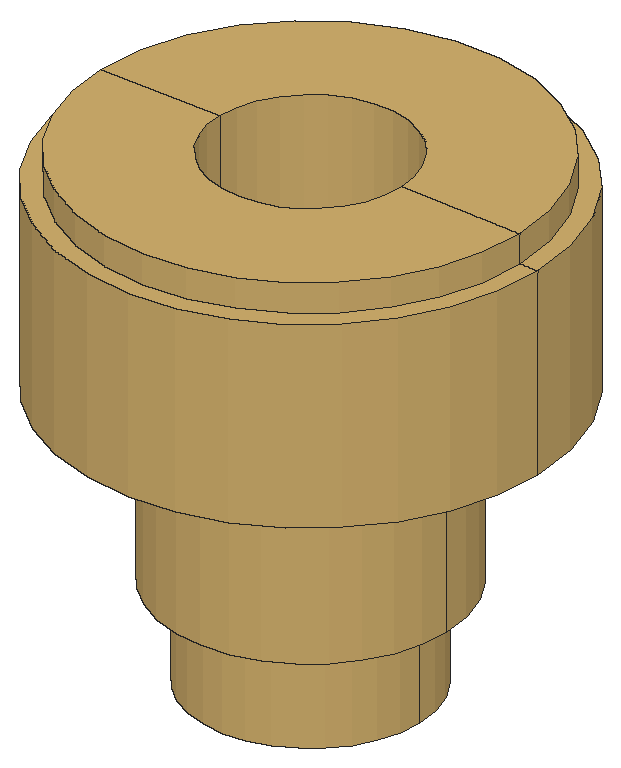
Revit family "Обратный клапан 2621 00 (01)", category Rohrzubehör, Revit 2019
Family settings
  Bemaßung runder Anschluss = Durchmesser verwenden
  Teiletyp = Unterbricht
  OmniClass-Nummer = 23.65.55.14
  OmniClass-Titel = Valves for Liquid Services
  Arbeitsebenenbasiert = Nein
  Immer vertikal = Ja
  Beim Laden mit Abzugskörper schneiden = Nein
  Gemeinsam genutzt = Nein
Parameters
  Номер заказа [instance] = if(Nennweite AG = 10.000 mm, 1262100, if(Nennweite AG = 15.000 mm, 1262101, 0))  # 1262101
  Корпус = "Латунь"  # constant formula
  SCTWSEQ = "FW;SBT_TYP_FW=\"108\";2"
  SCTWCODE = "04;14;02"  # constant formula
  SCRNSEQ = "AWI;AWI_TYP=\"1007\";2"
  SCRNCODE = "05;17;02"  # constant formula
  Nennweite IG = 10.000 mm  # constant formula
  Макс. рабочая температура = 110 °C  # constant formula
  URL = "www.herz-armaturen.ru"
  Nennweite AG [instance] = 15.000 mm
  Макс. рабочее давление = 1000000.0 Pa  # constant formula
  Hersteller = "Herz-Armaturen GmbH"  # constant formula
  H04 [instance] = if(Nennweite AG = 10.000 mm, 4.500 mm, if(Nennweite AG = 15.000 mm, 5.000 mm, 0.000 mm))  # 5.000 mm
  H03 = 9.500 mm  # constant formula
  H02 [instance] = if(Nennweite AG = 10.000 mm, 14.000 mm, if(Nennweite AG = 15.000 mm, 10.000 mm, 0.000 mm))  # 10.000 mm
  H01 = 9.500 mm  # constant formula
  H00 [instance] = if(Nennweite AG = 10.000 mm, 29.500 mm, if(Nennweite AG = 15.000 mm, 26.000 mm, 0.000 mm))  # 26.000 mm
  G2 = Nennweite IG / 2  # 5.000 mm
  G1 [instance] = Nennweite AG / 2  # 7.500 mm
  D03 [instance] = if(Nennweite AG = 10.000 mm, 4.000 mm, if(Nennweite AG = 15.000 mm, 6.000 mm, 0.000 mm))  # 6.000 mm
  D02 [instance] = if(Nennweite AG = 10.000 mm, 11.000 mm, if(Nennweite AG = 15.000 mm, 12.500 mm, 0.000 mm))  # 12.500 mm
  D01 [instance] = if(Nennweite AG = 10.000 mm, 10.000 mm, if(Nennweite AG = 15.000 mm, 11.500 mm, 0.000 mm))  # 11.500 mm
Reference planes
  plane 1 "Mitte (Vorne/hinten)": y = 0
  plane 2: z = 0
  plane 3 "Mitte (Links/rechts)": x = 0
Forms (mm)
  Revolve 1, solid, material "Messing", detail levels fine
    sketch origin (0, 0, 0) x (1, 0, 0) y (0, 0, 1)
      loop
        line (-11.5, 21) -> (-11.5, 19.5) -> (-12.5, 19.5) -> (-12.5, 9.5) -> (-7.5, 9.5) -> (-7.5, 0) -> (-6, 0) -> (-6, -5) -> (0, -5) -> (0, 11.5) -> (-5, 11.5) -> (-5, 21) -> (-11.5, 21)
      axis (0, 21) -> (0, -5)
    angle from 0 to 360
Lines and regions (mm)
  model lines, detail levels coarse+medium
    curve 1: line (-12.5, 0, 21) -> (12.5, 0, 21)
    curve 2: line (12.5, 0, 21) -> (-12.5, 0, -5)
    curve 3: line (-12.5, 0, -5) -> (12.5, 0, -5)
    curve 4: circle (-12.5, 0, -4.998) r 5 normal (0, -1, 0)
    curve 5: line (0, -12.5, 21) -> (0, 12.5, 21)
    curve 6: line (0, 12.5, 21) -> (0, -12.5, -5)
    curve 7: line (0, -12.5, -5) -> (0, 12.5, -5)
    curve 8: circle (0, -12.5, -5) r 5 normal (1, 0, 0)
Dimensions and locks
  "H02": Revolve 1 sketch curve to Revolve 1 sketch curve
  "D01": Revolve 1 sketch curve to Revolve 1 sketch curve
  "G1": Revolve 1 sketch curve to Revolve 1 sketch curve
  "H01": Revolve 1 sketch curve to Revolve 1 sketch curve
  "D02": Revolve 1 sketch curve to Revolve 1 sketch curve
  "G2": Revolve 1 sketch curve to Revolve 1 sketch curve
  "H03": Revolve 1 sketch curve to Revolve 1 sketch curve
  "H04": Revolve 1 sketch curve to Revolve 1 sketch curve
  "H00": Revolve 1 sketch curve to Revolve 1 sketch curve
  "D03": Revolve 1 sketch curve to Revolve 1 sketch curve
  "H00": curve 1 to curve 3
  "H04": plane 2 to curve 3
  "D02": curve 2 to plane 3 "Mitte (Links/rechts)" to curve 1
  "D02": curve 3 to plane 3 "Mitte (Links/rechts)" to curve 3
  "H00": curve 7 to curve 5
  "H04": plane 2 to curve 7
  "D02": curve 5 to plane 1 "Mitte (Vorne/hinten)" to curve 6
  "D02": curve 7 to plane 1 "Mitte (Vorne/hinten)" to curve 7
  aligned and locked: level to plane 2
Automatic sketch dimensions
  curve 8 to curve 6 = 0.000 mm  (x2)
  curve 4 to curve 2 = 0.000 mm
  curve 2 to curve 4 = 0.002 mm
  Revolve 1 sketch curve to level = 0.000 mm
  Revolve 1 sketch curve to plane 3 "Mitte (Links/rechts)" = 0.000 mm  (x2)
  Revolve 1 sketch curve to Revolve 1 sketch curve = 1992.000 mm
  Revolve 1 sketch curve to Revolve 1 sketch curve = 1979.000 mm
  radius of curve 8 = 5.000 mm
  radius of curve 4 = 5.000 mm
Connectors
  piping at (0, 0, -5), diameter 15, driven by "Nennweite AG"
    settings: on Revolve 1, index 1, connector inside diameter 609.6 mm, connector length 0.000 mm, flow factor 0, pipe flow 0.0 L/s, pressure drop 0.0 Pa, fitting loss kfactor 0, connector angle 0.00°, fixture units 0, engagement length 0.000 mm, angle of deflection 0.00°, flow configuration 0, flow direction 1, fitting loss method 0, system type 29, joint type 0, gender type 0, connector reference index -1, connector utility 0, adjustable connector no, is connector primary yes, connector description ""
  piping at (0, 0, 11.5), diameter 10, driven by "Nennweite IG"
    settings: on Revolve 1, index 2, connector inside diameter 609.6 mm, connector length 0.000 mm, flow factor 0, pipe flow 0.0 L/s, pressure drop 0.0 Pa, fitting loss kfactor 0, connector angle 0.00°, fixture units 0, engagement length 0.000 mm, angle of deflection 0.00°, flow configuration 0, flow direction 2, fitting loss method 0, system type 29, joint type 0, gender type 0, connector reference index -1, connector utility 0, adjustable connector no, is connector primary no, connector description ""
